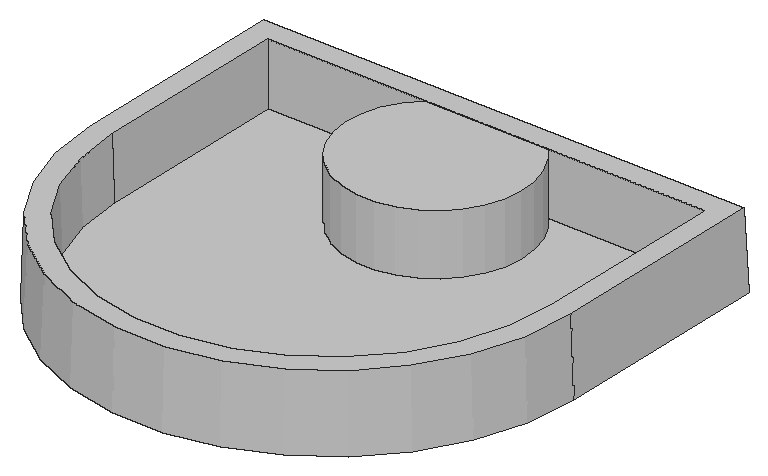
Revit family "Human_Solution-UPLIFT_Desk_Storage-STR005", category Furniture, Revit 2014
Parameters (values of type "Storage STR005")
  Width = 7 123/128"
  Unit = HMS - Aluminum
  URL = "https://www.thehumansolution.com/"
  Type Comments = "Storage"  # constant formula
  Salvage or Reuse = yes
  Percentage of Recycled Content = 0
  Model = "STR005"
  Material = ""
  Manufacturer = "Human Solution"  # constant formula
  Low Emitting Material = yes
  Low Emitting Finish = yes
  Keynote = "12500"
  Height = 1 1/4"
  Description = "Storage 7.5\"W 7.5\"D 1.25\"H"
  Depth = 7 9/16"
  Assembly Code = "E2020200"
Reference planes (in)
  plane 1 "Center Front/Back": y = -0.20977
  plane 2: z = 0
  plane 3 "Center Left/Right": x = 0
  plane 4: x = -3.98047
  plane 5: x = 3.98047
  plane 6: z = 1.25
  plane 7: y = -7.77227
  plane 8: y = -3.99102
Forms (in)
  Sweep 1, solid, material "HMS - Aluminum" <- "Unit"
    path origin (0, 0, 0) x (1, 0, 0) y (0, 1, 0)
      loop
        line (3.98047, -0.20977) -> (-3.98047, -0.20977) -> (-3.98047, -3.7927)
        arc (-3.98047, -3.7927) -> (0, -7.77317) -> (3.98047, -3.7927) r 3.98047
        line (3.98047, -3.7927) -> (3.98047, -0.20977)
    profile origin (0, -0.20977, 0) x (0, -1, 0) y (0, 0, 1)
      loop
        line (0.37092, 1.25) -> (0.02092, 1.25) -> (-0.02273, 0) -> (0.41457, 0) -> (0.37092, 1.25)
  Extrusion 2, solid, material "HMS - Aluminum" <- "Unit"
    sketch origin (3.56589, -0.62434, 0) x (0, 1, 0) y (1, 0, 0)
      loop
        line (-3.16836, -7.13179) -> (0, -7.13179) -> (0, 0) -> (-3.16836, 0)
        arc (-3.16836, 0) -> (-6.73426, -3.56589) -> (-3.16836, -7.13179) r 3.56589
    from 0 to -0.25
  Sweep 3, solid, material "HMS - Aluminum" <- "Unit"
    path origin (0, -0.20977, 0) x (1, 0, 0) y (0, 0, 1)
      loop
        line (0, 0.25) -> (0, 1.25)
    profile origin (0, -0.20977, 0.75) x (-1, 0, 0) y (0, -1, 0)
      loop
        arc (1.00804, 0.37092) -> (0.00019, 2.86846) -> (-1.00767, 0.37092) r 1.45213
        line (-1.00767, 0.37092) -> (1.00804, 0.37092)
Lines and regions (in)
  symbolic lines
    curve 1: line (3.95955, -0.23069, 0) -> (-3.95955, -0.23069, 0)
    curve 2: line (-3.95955, -0.23069, 0) -> (-3.95955, -3.7927, 0)
    curve 3: arc (-3.95955, -3.7927, 0) -> (0, -7.75225, 0) -> (3.95955, -3.7927, 0) r 3.95955
    curve 4: line (3.95955, -3.7927, 0) -> (3.95955, -0.23069, 0)
    curve 5: line (3.56589, -0.62434, 0) -> (-3.56589, -0.62434, 0)
    curve 6: line (-3.56589, -0.62434, 0) -> (-3.56589, -3.7927, 0)
    curve 7: arc (-3.56589, -3.7927, 0) -> (0, -7.3586, 0) -> (3.56589, -3.7927, 0) r 3.56589
    curve 8: line (3.56589, -3.7927, 0) -> (3.56589, -0.62434, 0)
    curve 9: arc (1.00767, -0.58069, 0) -> (-0.00019, -3.07823, 0) -> (-1.00804, -0.58069, 0) r 1.45213
Dimensions and locks (in)
  "Width": plane 4 to plane 5
  "Height": plane 6 to plane 2
  "Depth": plane 7 to plane 1 "Center Front/Back"
  equal spacing: plane 4, plane 3 "Center Left/Right", plane 5
  equal spacing: plane 7, plane 8, plane 1 "Center Front/Back"
  aligned and locked: level to plane 2
  aligned and locked: Extrusion 2 sketch curve to Sweep 1  (x3)
  aligned and locked: Extrusion 2 to Sweep 1
  aligned and locked: plane 3 "Center Left/Right" to Sweep 3 sketch curve
  aligned and locked: curve 1 to Sweep 1
  aligned and locked: curve 2 to Sweep 1
  aligned and locked: curve 3 to Sweep 1
  aligned and locked: curve 5 to Extrusion 2
  aligned and locked: curve 6 to Extrusion 2
  aligned and locked: curve 7 to Extrusion 2
  aligned and locked: curve 8 to Extrusion 2
  aligned and locked: curve 9 to Sweep 3
Automatic sketch dimensions
  Sweep 1 sketch curve to plane 1 "Center Front/Back" = 0"
  plane 8 to Sweep 1 sketch curve = 0.19831"
  Sweep 1 sketch curve to plane 4 = 0"
  plane 5 to Sweep 1 sketch curve = 0"
  Sweep 1 sketch curve to level = 0"
  Sweep 1 sketch curve to profile plane = 0.02092"
  Sweep 1 sketch curve to Sweep 1 sketch curve = 0.35"
  level to Sweep 1 sketch curve = 1 1/4"
  profile plane to Sweep 1 sketch curve = 0.02273"
  Sweep 1 sketch curve to profile plane = 0.41457"
  Sweep 3 sketch curve to plane 6 = 0"
  level to Sweep 3 sketch curve = 1/4"
  Sweep 3 sketch curve to profile plane = 0.00019"
  plane 1 "Center Front/Back" to Sweep 3 sketch curve = 1.41634"
  profile plane to Sweep 3 sketch curve = 1.00767"
  plane 1 "Center Front/Back" to Sweep 3 sketch curve = 0.37092"
  curve 3 to curve 7 = 0"  (x2)
  curve 2 to curve 6 = 0.39365"
  plane 1 "Center Front/Back" to curve 6 = 0.41457"
  plane 1 "Center Front/Back" to curve 9 = 0.37092"  (x2)
